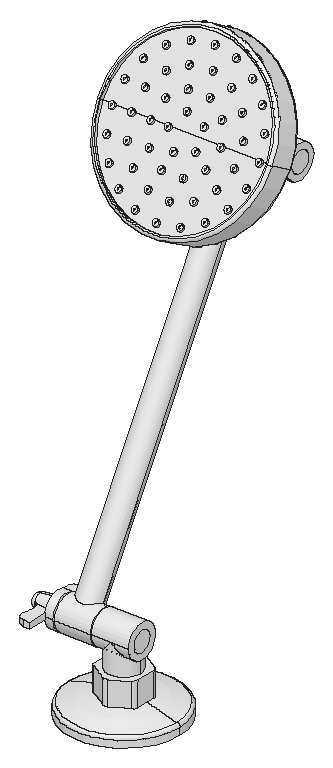
Revit family "CL10057-C3A_CLARK ROUND BASICS ADJUSTABLE SHOWER", category Plumbing Fixtures, host Face, Revit 2015 (continued)
Lines and regions (mm)
  symbolic lines
    curve 120: line (0, 104.941, 252.379) -> (0, 103.779, 253.078)
    curve 121: line (0, 68.204, 241.103) -> (0, 52.186, 250.728)
    curve 122: line (0, 71.694, 283.194) -> (0, 87.711, 273.569)
    curve 123: line (0, 88.968, 261.405) -> (0, 79.534, 245.704)
    curve 124: line (0, 17.688, 236.559) -> (0, 66.688, 321.43)
    curve 125: line (0, 68.299, 321.655) -> (0, 18.299, 235.052)
    curve 126: line (0, 30.354, 228.092) -> (0, 18.054, 235.193)
    curve 127: line (0, 51.2, 249.087) -> (0, 31.582, 228.272)
    curve 128: line (0, 80.812, 313.541) -> (0, 71.727, 283.249)
    curve 129: line (0, 71.727, 283.249) -> (0, 51.2, 249.087)
    curve 130: arc (0, 31.582, 228.272) -> (0, 30.999, 227.969) -> (0, 30.354, 228.092) r 1
    curve 131: arc (0, 18.054, 235.193) -> (0, 17.588, 235.8) -> (0, 17.688, 236.559) r 1
    curve 132: line (0, 68.054, 321.796) -> (0, 80.354, 314.695)
    curve 133: arc (0, 68.054, 321.796) -> (0, 67.295, 321.896) -> (0, 66.688, 321.43) r 1
    curve 134: line (0, 70.948, 241.788) -> (0, 88.396, 270.825)
    curve 135: arc (0, 87.711, 273.569) -> (0, 88.622, 272.339) -> (0, 88.396, 270.825) r 2
    curve 136: arc (0, 70.948, 241.788) -> (0, 69.718, 240.877) -> (0, 68.204, 241.103) r 2
    curve 137: arc (0, 118.375, 236.182) -> (0, 112.375, 242.182) -> (0, 106.375, 236.182) r 6
    curve 138: arc (0, 106.375, 236.182) -> (0, 112.375, 230.182) -> (0, 118.375, 236.182) r 6
    curve 139: line (0, 8.779, 23.755) -> (0, 8.779, 40.269)
    curve 140: arc (0, 86.424, 267.543) -> (0, 88.54, 264.824) -> (0, 88.968, 261.405) r 6.5
    curve 141: arc (0, 72.922, 245.073) -> (0, 76.315, 244.48) -> (0, 79.534, 245.704) r 6.5
    curve 142: line (0, 103.21, 233.681) -> (0, 96.227, 237.877)
    curve 143: arc (0, 80.812, 313.541) -> (0, 80.783, 314.197) -> (0, 80.354, 314.695) r 1
    curve 144: line (-39.642, 0, 49.978) -> (-34.862, 0, 49.978)
    curve 145: line (-49.51, 0, 44.988) -> (-39.642, 0, 46.52)
    curve 146: line (-39.642, 0, 34.593) -> (-49.51, 0, 36.125)
    curve 147: line (-39.642, 0, 30.978) -> (-39.642, 0, 49.978)
    curve 148: line (-34.862, 0, 30.978) -> (-39.642, 0, 30.978)
    curve 149: line (-11.562, 0, 30.978) -> (-33.862, 0, 30.978)
    curve 150: line (-33.862, 0, 49.978) -> (-31.812, 0, 49.978)
    curve 151: line (-31.812, 0, 46.813) -> (-31.812, 0, 226.682)
    curve 152: line (-17.812, 0, 226.682) -> (-17.812, 0, 46.813)
    curve 153: line (-17.812, 0, 49.978) -> (8.328, 0, 49.978)
    curve 154: line (-11.562, 0, 23.755) -> (-11.562, 0, 31.552)
    curve 155: line (7.438, 0, 31.552) -> (7.438, 0, 23.755)
    curve 156: line (8.328, 0, 30.978) -> (7.438, 0, 30.978)
    curve 157: line (8.328, 0, 49.978) -> (8.328, 0, 30.978)
    curve 158: line (-14.584, 0, 23.755) -> (10.459, 0, 23.755)
    curve 159: line (10.459, 0, 23.755) -> (10.459, 0, 9.856)
    curve 160: line (-14.584, 0, 9.866) -> (-14.584, 0, 23.755)
    curve 161: line (-32.622, 0, 6.016) -> (28.497, 0, 6.016)
    curve 162: line (-34, 0, 4.115) -> (-34, 0, 0)
    curve 163: line (29.875, 0, 4.115) -> (29.875, 0, 0)
    curve 164: arc (28.514, 0, 6.01) -> (-2.062, 0, 11.023) -> (-32.639, 0, 6.01) r 95.753
    curve 165: arc (29.875, 0, 4.115) -> (29.499, 0, 5.282) -> (28.514, 0, 6.01) r 2
    curve 166: arc (-32.639, 0, 6.01) -> (-33.624, 0, 5.282) -> (-34, 0, 4.115) r 2
    curve 167: arc (-49.51, 0, 44.988) -> (-53.17, 0, 40.557) -> (-49.51, 0, 36.125) r 4.513
    curve 168: line (-39.642, 0, 42.303) -> (-49.51, 0, 42.303)
    curve 169: line (-49.51, 0, 42.303) -> (-49.51, 0, 38.879)
    curve 170: line (-49.51, 0, 38.879) -> (-39.642, 0, 38.879)
    curve 171: arc (-17.812, 0, 46.813) -> (-24.812, 0, 39.813) -> (-31.812, 0, 46.813) r 7
    curve 172: arc (7.438, 0, 31.552) -> (2.149, 0, 35.764) -> (-2.062, 0, 41.052) r 30
    curve 173: arc (-2.062, 0, 41.052) -> (-6.274, 0, 35.764) -> (-11.562, 0, 31.552) r 30
    curve 174: line (8.168, 0, 226.682) -> (-33.857, 0, 226.682)
    curve 175: line (8.168, 0, 245.682) -> (8.168, 0, 226.682)
    curve 176: line (-33.857, 0, 245.682) -> (8.168, 0, 245.682)
    curve 177: line (-33.857, 0, 226.682) -> (-33.857, 0, 245.682)
    curve 178: line (-34.855, 0, 245.682) -> (-39.663, 0, 245.682)
    curve 179: line (-34.855, 0, 226.682) -> (-34.855, 0, 245.682)
    curve 180: line (-39.663, 0, 226.682) -> (-34.855, 0, 226.682)
    curve 181: line (-39.663, 0, 245.682) -> (-39.663, 0, 226.682)
    curve 182: line (-39.663, 0, 238.041) -> (-49.51, 0, 238.041)
    curve 183: line (-49.51, 0, 234.618) -> (-39.663, 0, 234.618)
    curve 184: line (-49.51, 0, 238.041) -> (-49.51, 0, 234.618)
    curve 185: line (-49.382, 0, 240.621) -> (-39.663, 0, 242.13)
    curve 186: line (-39.663, 0, 230.249) -> (-49.382, 0, 231.758)
    curve 187: arc (-49.382, 0, 240.621) -> (-53.042, 0, 236.189) -> (-49.382, 0, 231.758) r 4.513
    curve 188: arc (16.875, 0, 272.755) -> (-1.817, 0, 284.678) -> (-20.783, 0, 273.195) r 21
    curve 189: line (16.875, 0, 272.288) -> (16.875, 0, 256.826)
    curve 190: line (-21, 0, 256.826) -> (-21, 0, 272.288)
    curve 191: spline (-18.126, 0, 255.732) -> (-17.232, 0, 260.308) -> (-14.65, 0, 264.374) -> (-10.667, 0, 267.479) -> (-5.727, 0, 269.277) -> (-0.379, 0, 269.567) -> (4.782, 0, 268.317) -> (9.181, 0, 265.667) -> (12.329, 0, 261.912) -> (13.875, 0, 257.468) -> (13.648, 0, 252.832) -> (11.672, 0, 248.518) -> (8.168, 0, 245.007)
    curve 192: spline (-13.168, 0, 245.682) -> (-13.923, 0, 246.351) -> (-14.625, 0, 247.063) -> (-15.269, 0, 247.814) -> (-15.854, 0, 248.601) -> (-16.377, 0, 249.42) -> (-16.834, 0, 250.268) -> (-17.225, 0, 251.14) -> (-17.547, 0, 252.033) -> (-17.8, 0, 252.943) -> (-17.98, 0, 253.866) -> (-18.089, 0, 254.797) -> (-18.126, 0, 255.732)
    curve 193: spline (-11.376, 0, 247.742) -> (-13.845, 0, 250.755) -> (-15.067, 0, 254.295) -> (-14.911, 0, 257.987) -> (-13.395, 0, 261.44) -> (-10.679, 0, 264.289) -> (-7.051, 0, 266.232) -> (-2.894, 0, 267.063) -> (1.35, 0, 266.694) -> (5.234, 0, 265.165) -> (8.344, 0, 262.637) -> (10.353, 0, 259.378) -> (11.047, 0, 255.732)
    curve 194: spline (11.047, 0, 255.732) -> (11.018, 0, 254.97) -> (10.929, 0, 254.211) -> (10.782, 0, 253.459) -> (10.576, 0, 252.717) -> (10.314, 0, 251.989) -> (9.996, 0, 251.277) -> (9.623, 0, 250.586) -> (9.198, 0, 249.918) -> (8.721, 0, 249.276) -> (8.196, 0, 248.664) -> (7.625, 0, 248.083) -> (7.01, 0, 247.537)
    curve 195: spline (-2.062, 0, 259.839) -> (-0.435, 0, 259.724) -> (1.148, 0, 259.381) -> (2.646, 0, 258.819) -> (4.019, 0, 258.054) -> (5.229, 0, 257.105) -> (6.246, 0, 255.999) -> (7.04, 0, 254.764) -> (7.593, 0, 253.434) -> (7.888, 0, 252.043) -> (7.917, 0, 250.63) -> (7.681, 0, 249.231) -> (7.185, 0, 247.884)
    curve 196: spline (-11.31, 0, 247.884) -> (-11.806, 0, 249.231) -> (-12.042, 0, 250.63) -> (-12.013, 0, 252.043) -> (-11.718, 0, 253.434) -> (-11.165, 0, 254.764) -> (-10.371, 0, 255.999) -> (-9.354, 0, 257.105) -> (-8.144, 0, 258.054) -> (-6.771, 0, 258.819) -> (-5.273, 0, 259.381) -> (-3.689, 0, 259.724) -> (-2.062, 0, 259.839)
    curve 197: spline (-10.837, 0, 255.333) -> (-10.083, 0, 256.891) -> (-8.964, 0, 258.275) -> (-7.533, 0, 259.422) -> (-5.853, 0, 260.281) -> (-4.002, 0, 260.813) -> (-2.062, 0, 260.993) -> (-0.123, 0, 260.813) -> (1.728, 0, 260.281) -> (3.408, 0, 259.422) -> (4.839, 0, 258.275) -> (5.958, 0, 256.891) -> (6.712, 0, 255.333)
    curve 198: spline (-1.134, 0, 253.212) -> (-0.021, 0, 253.067) -> (1.066, 0, 252.814) -> (2.114, 0, 252.458) -> (3.108, 0, 252.001) -> (4.037, 0, 251.451) -> (4.889, 0, 250.814) -> (5.653, 0, 250.098) -> (6.319, 0, 249.313) -> (6.879, 0, 248.467) -> (7.325, 0, 247.572) -> (7.653, 0, 246.64) -> (7.858, 0, 245.682)
    curve 199: spline (-11.983, 0, 245.682) -> (-11.74, 0, 246.77) -> (-11.339, 0, 247.823) -> (-10.786, 0, 248.823) -> (-10.09, 0, 249.753) -> (-9.262, 0, 250.599) -> (-8.316, 0, 251.347) -> (-7.268, 0, 251.983) -> (-6.135, 0, 252.498) -> (-4.935, 0, 252.884) -> (-3.687, 0, 253.134) -> (-2.413, 0, 253.244) -> (-1.134, 0, 253.212)
    curve 200: spline (-52.062, 0, 278.353) -> (-50.359, 0, 289.561) -> (-45.364, 0, 300.004) -> (-37.418, 0, 308.972) -> (-27.062, 0, 315.853) -> (-15.003, 0, 320.179) -> (-2.062, 0, 321.655) -> (10.878, 0, 320.179) -> (22.938, 0, 315.853) -> (33.293, 0, 308.972) -> (41.239, 0, 300.004) -> (46.234, 0, 289.561) -> (47.938, 0, 278.353)
    curve 201: line (47.938, 0, 278.353) -> (47.938, 0, 271.393)
    curve 202: line (-52.062, 0, 271.393) -> (-52.062, 0, 278.353)
    curve 203: spline (47.938, 0, 271.393) -> (47.615, 0, 266.449) -> (46.65, 0, 261.569) -> (45.055, 0, 256.815) -> (42.852, 0, 252.25) -> (40.069, 0, 247.933) -> (36.742, 0, 243.918) -> (32.913, 0, 240.259) -> (28.632, 0, 237.001) -> (23.954, 0, 234.188) -> (18.941, 0, 231.856) -> (13.656, 0, 230.035) -> (8.168, 0, 228.748)
    curve 204: line (-34.855, 0, 244.287) -> (-33.857, 0, 244.287)
    curve 205: line (-33.857, 0, 228.156) -> (-34.855, 0, 228.156)
    curve 206: line (-34.862, 0, 47) -> (-33.862, 0, 47)
    curve 207: line (-33.862, 0, 33) -> (-34.862, 0, 33)
    curve 208: line (-33.862, 0, 30.978) -> (-33.862, 0, 49.978)
    curve 209: line (-34.862, 0, 49.978) -> (-34.862, 0, 30.978)
    curve 210: spline (-39.663, 0, 242.676) -> (-41.571, 0, 244.692) -> (-43.337, 0, 246.803) -> (-44.954, 0, 249.003) -> (-46.417, 0, 251.283) -> (-47.721, 0, 253.636) -> (-48.86, 0, 256.052) -> (-49.831, 0, 258.524) -> (-50.631, 0, 261.042) -> (-51.255, 0, 263.597) -> (-51.703, 0, 266.18) -> (-51.973, 0, 268.782) -> (-52.062, 0, 271.393)
    curve 211: spline (16.875, 0, 256.826) -> (16.81, 0, 255.43) -> (16.613, 0, 254.043) -> (16.286, 0, 252.676) -> (15.833, 0, 251.337) -> (15.255, 0, 250.036) -> (14.556, 0, 248.783) -> (13.743, 0, 247.586) -> (12.819, 0, 246.452) -> (11.793, 0, 245.391) -> (10.67, 0, 244.409) -> (9.459, 0, 243.513) -> (8.168, 0, 242.71)
    curve 212: spline (-16.216, 0, 245.682) -> (-16.952, 0, 246.461) -> (-17.633, 0, 247.278) -> (-18.257, 0, 248.13) -> (-18.821, 0, 249.014) -> (-19.324, 0, 249.927) -> (-19.764, 0, 250.865) -> (-20.139, 0, 251.824) -> (-20.447, 0, 252.803) -> (-20.689, 0, 253.795) -> (-20.862, 0, 254.799) -> (-20.966, 0, 255.811) -> (-21, 0, 256.826)
    curve 213: arc (16.875, 0, 272.288) -> (16.82, 0, 272.754) -> (16.658, 0, 273.195) r 2
    curve 214: arc (-20.783, 0, 273.195) -> (-20.945, 0, 272.754) -> (-21, 0, 272.288) r 2
Dimensions and locks
  Revolve 9 sketch curve to Revolve 9 sketch curve = 9.919 mm
  aligned and locked: plane 2 to host face
  aligned and locked: level to host face
  aligned and locked: Masking region 4 sketch curve to curve 156
